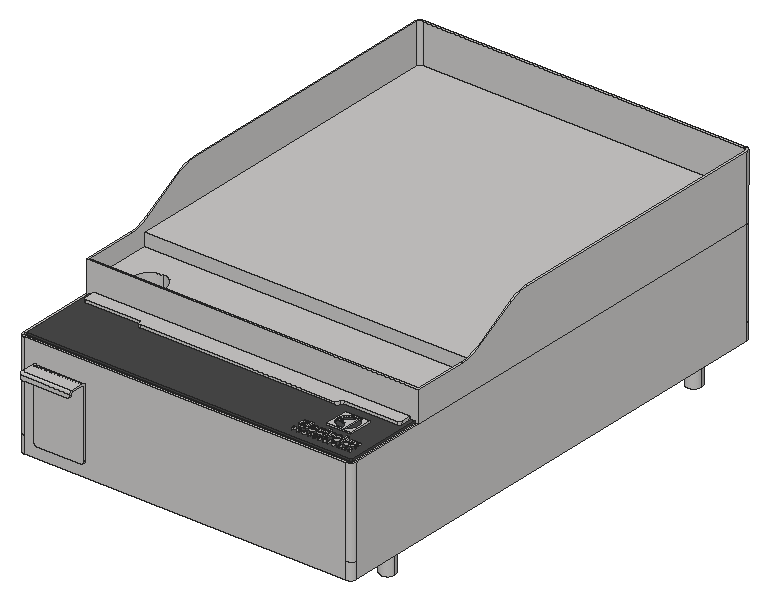
Revit family "QF_ELECTROLUXPROFESSIONAL_600906_E1IREEOMCU", category Specialty Equipment, Revit 2018
Family settings
  Round Connector Dimension = Use Diameter
  Part Type = Normal
  Work Plane-Based = No
  Always vertical = Yes
  Cut with Voids When Loaded = No
  Shared = No
  Room Calculation Point = No
Parameters (values of type "Standard")
  Watts = 0 W
  Volts = 220 V
  URL = "http://professional.electrolux.com"
  Steam Supply Size = 0 mm
  Steam Supply Minimum Pressure = 0.0 Pa
  Steam Supply Maximum Pressure = 0.0 Pa
  Steam Pounds per Hour = 0
  Show Logo [instance] = yes
  Manufacturer = "Electrolux Professional"
  Phase = 1
  Model = "E1IREEOMCS"
  Item Number = "600886"
  Hot Water Size = 0 mm
  HP = "4 HP"
  Gas Size = 0 mm
  Gas KW = 0
  Direct Waste Size = 0 mm
  Description = "PLUG-IN INDUCTION GRIDDLE, STAINLESS STEEL SMOOTH PLATE"
  Cycle = 60 Hz
  Condensate Return Size = 0 mm
  Compressed Air Volume = 0.0 L/s
  Compressed Air Size = 0 mm
  Compressed Air Pressure = 0.0 Pa
  Cold Water Size = 0 mm
Values of the unnamed type that differ from the named types
  Volts = 0 V
  Item Number = ""
  Cycle = 0 Hz
Reference planes
  plane 1 "Centro (Fronte/Retro)": y = 74.737
  plane 2: z = 0
  plane 3: x = -514.269
  plane 4 "LEFT": x = -714.269
  plane 5 "RIGHT": x = -314.269
  plane 6 "BACK": y = 374.737
  plane 7 "FRONT": y = -225.263
  plane 8: x = -712.269
  plane 9: y = 372.737
  plane 10: x = -316.269
  plane 11: y = -223.263
  plane 12: y = -124.263
  plane 13: x = -701.269
  plane 14: x = -327.269
  plane 15: y = 304.737
  plane 16: y = -155.263
  plane 17: x = -442.269
  plane 18: y = 179.737
  plane 19: z = 764
Forms (mm)
  Extrusion 1, solid, material "QF_Finishes_Stainless Steel"
    sketch origin (0, 0, 788) x (1, 0, 0) y (0, 1, 0)
      loop
        arc (-707.269, 374.737) -> (-712.218, 372.687) -> (-714.269, 367.737) r 7
        line (-714.269, 367.737) -> (-714.269, -218.263)
        arc (-714.269, -218.263) -> (-712.218, -223.213) -> (-707.269, -225.263) r 7
        line (-707.269, -225.263) -> (-321.269, -225.263)
        arc (-321.269, -225.263) -> (-316.319, -223.213) -> (-314.269, -218.263) r 7
        line (-314.269, -218.263) -> (-314.269, 367.737)
        arc (-314.269, 367.737) -> (-316.319, 372.687) -> (-321.269, 374.737) r 7
        line (-321.269, 374.737) -> (-707.269, 374.737)
    from 0 to 20
  Extrusion 2, solid, material "QF_Finishes_Stainless Steel"
    sketch origin (0, 0, 788) x (1, 0, 0) y (0, 1, 0)
      loop
        line (-321.269, 374.737) -> (-707.269, 374.737)
        arc (-707.269, 374.737) -> (-712.218, 372.687) -> (-714.269, 367.737) r 7
        line (-714.269, 367.737) -> (-714.269, -218.263)
        arc (-714.269, -218.263) -> (-712.218, -223.213) -> (-707.269, -225.263) r 7
        line (-707.269, -225.263) -> (-321.269, -225.263)
        arc (-321.269, -225.263) -> (-316.319, -223.213) -> (-314.269, -218.263) r 7
        line (-314.269, -218.263) -> (-314.269, 367.737)
        arc (-314.269, 367.737) -> (-316.319, 372.687) -> (-321.269, 374.737) r 7
      loop
        arc (-707.269, 372.737) -> (-710.804, 371.273) -> (-712.269, 367.737) r 5
        line (-712.269, 367.737) -> (-712.269, -218.263)
        arc (-712.269, -218.263) -> (-710.804, -221.798) -> (-707.269, -223.263) r 5
        line (-707.269, -223.263) -> (-321.269, -223.263)
        arc (-321.269, -223.263) -> (-317.733, -221.798) -> (-316.269, -218.263) r 5
        line (-316.269, -218.263) -> (-316.269, 367.737)
        arc (-316.269, 367.737) -> (-317.733, 371.273) -> (-321.269, 372.737) r 5
        line (-321.269, 372.737) -> (-707.269, 372.737)
    from 20 to 126
  Extrusion 3, solid, material "QF_Finishes_Black"
    sketch origin (0, 0, 914) x (-1, 0, 0) y (0, -1, 0)
      loop
        line (709.269, 124.263) -> (709.269, 218.263)
        arc (709.269, 218.263) -> (708.683, 219.677) -> (707.269, 220.263) r 2
        line (707.269, 220.263) -> (321.269, 220.263)
        arc (321.269, 220.263) -> (319.854, 219.677) -> (319.269, 218.263) r 2
        line (319.269, 218.263) -> (319.269, 124.263) -> (709.269, 124.263)
    from 0 to 2
  Extrusion 4, solid, material "QF_Finishes_Stainless Steel"
    sketch origin (0, 0, 914) x (-1, 0, 0) y (0, -1, 0)
      loop
        arc (701.269, 124.263) -> (703.39, 125.142) -> (704.269, 127.263) r 3
        line (704.269, 127.263) -> (704.269, 137.763)
        arc (704.269, 137.763) -> (703.39, 139.884) -> (701.269, 140.763) r 3
        line (701.269, 140.763) -> (637.269, 140.763)
        arc (637.269, 140.763) -> (635.147, 141.642) -> (634.269, 143.763) r 3
        arc (634.269, 143.763) -> (633.39, 145.884) -> (631.269, 146.763) r 3
        line (631.269, 146.763) -> (397.269, 146.763)
        arc (397.269, 146.763) -> (395.147, 145.884) -> (394.269, 143.763) r 3
        arc (394.269, 143.763) -> (393.39, 141.642) -> (391.269, 140.763) r 3
        line (391.269, 140.763) -> (327.269, 140.763)
        arc (327.269, 140.763) -> (325.147, 139.884) -> (324.269, 137.763) r 3
        line (324.269, 137.763) -> (324.269, 127.263)
        arc (324.269, 127.263) -> (325.147, 125.142) -> (327.269, 124.263) r 3
        line (327.269, 124.263) -> (701.269, 124.263)
    from 2 to 5
  Extrusion 5, solid, material "QF_Finishes_Stainless Steel"
    sketch origin (0, 0, 140) x (-1, 0, 0) y (0, -1, 0)
      loop
        circle (701.269, -304.737) r 9
      loop
        circle (327.269, -304.737) r 9
      loop
        circle (701.269, 155.263) r 9
      loop
        circle (327.269, 155.263) r 9
    from 624 to 648
  Extrusion 6, solid, material "QF_Finishes_Stainless Steel"
    sketch origin (0, 0, 140) x (-1, 0, 0) y (0, -1, 0)
      loop
        circle (442.269, -179.737) r 10
    from 638.028 to 648
  Extrusion 7, solid, material "QF_Finishes_Stainless Steel"
    sketch origin (0, 0, 140) x (-1, 0, 0) y (0, -1, 0)
      loop
        line (321.269, -374.737) -> (707.269, -374.737)
        arc (707.269, -374.737) -> (712.218, -372.687) -> (714.269, -367.737) r 7
        line (714.269, -367.737) -> (714.269, 124.263) -> (314.269, 124.263) -> (314.269, -367.737)
        arc (314.269, -367.737) -> (316.319, -372.687) -> (321.269, -374.737) r 7
      loop
        line (712.269, 122.263) -> (316.269, 122.263) -> (316.269, -367.737)
        arc (316.269, -367.737) -> (317.733, -371.273) -> (321.269, -372.737) r 5
        line (321.269, -372.737) -> (707.269, -372.737)
        arc (707.269, -372.737) -> (710.804, -371.273) -> (712.269, -367.737) r 5
        line (712.269, -367.737) -> (712.269, 122.263)
    from 774 to 851
  Extrusion 8, void
    sketch origin (-714.269, 367.737, 140) x (0, 1, 0) y (0, 0, 1)
      loop
        line (-492, 851) -> (-492, 811) -> (-425.278, 811)
        arc (-425.278, 811) -> (-412.445, 812.675) -> (-400.471, 817.588) r 50
        line (-400.471, 817.588) -> (-353.529, 844.412)
        arc (-353.529, 844.412) -> (-341.555, 849.325) -> (-328.722, 851) r 50
        line (-328.722, 851) -> (-492, 851)
    from 0 to 400
  Extrusion 9, solid, material "QF_Finishes_Stainless Steel"
    sketch origin (0, 0, 140) x (-1, 0, 0) y (0, -1, 0)
      loop
        line (712.269, -367.737) -> (712.269, 40.263) -> (316.269, 40.263) -> (316.269, -367.737)
        arc (316.269, -367.737) -> (317.733, -371.273) -> (321.269, -372.737) r 5
        line (321.269, -372.737) -> (707.269, -372.737)
        arc (707.269, -372.737) -> (710.804, -371.273) -> (712.269, -367.737) r 5
    from 774 to 804.06
  Extrusion 10, solid, material "QF_Finishes_Stainless Steel"
    sketch origin (0, 0, 140) x (-1, 0, 0) y (0, -1, 0)
      loop
        line (712.269, 40.263) -> (712.269, 122.263) -> (316.269, 122.263) -> (316.269, 40.263) -> (712.269, 40.263)
    from 774 to 789
  Extrusion 11, solid, material "QF_Finishes_Stainless Steel"
    sketch origin (-695.269, 367.737, 788) x (0, -1, 0) y (0, 0, 1)
      loop
        line (593, 14) -> (594.5, 14) -> (594.5, 99)
        arc (594.5, 99) -> (594.939, 100.061) -> (596, 100.5) r 1.5
        line (596, 100.5) -> (612, 100.5)
        arc (612, 100.5) -> (613.061, 100.061) -> (613.5, 99) r 1.5
        line (613.5, 99) -> (613.5, 94) -> (615, 94) -> (615, 99)
        arc (615, 99) -> (614.121, 101.121) -> (612, 102) r 3
        line (612, 102) -> (596, 102)
        arc (596, 102) -> (593.879, 101.121) -> (593, 99) r 3
        line (593, 99) -> (593, 14)
    from 0 to -60
  Extrusion 12, void
    sketch origin (-695.269, -226.763, 802) x (0, 0, 1) y (1, 0, 0)
      loop
        arc (4, 0) -> (1.172, 1.172) -> (0, 4) r 4
        line (0, 4) -> (0, 0) -> (4, 0)
      loop
        line (4, 60) -> (0, 60) -> (0, 56)
        arc (0, 56) -> (1.172, 58.828) -> (4, 60) r 4
    from 1.5 to 0
  Extrusion 13, void
    sketch origin (-695.269, -247.263, 890) x (0, 0, 1) y (1, 0, 0)
      loop
        arc (-4, 0) -> (-6.828, 1.172) -> (-8, 4) r 4
        line (-8, 4) -> (-8, 0) -> (-4, 0)
      loop
        line (-4, 60) -> (-8, 60) -> (-8, 56)
        arc (-8, 56) -> (-6.828, 58.828) -> (-4, 60) r 4
    from 0 to 1.5
  Extrusion 14, void
    sketch origin (3.3, 0, 929) x (0, -1, 0) y (-1, 0, 0)
      loop
        circle (91.263, 667.536) r 19
    from 0 to 71.307
Cuts and joins
  Extrusion 12, Extrusion 13 cuts Extrusion 1
  Extrusion 12, Extrusion 13 cuts Extrusion 2
  joined: Extrusion 1, Extrusion 2
  Extrusion 8 cuts Extrusion 7
  Extrusion 12, Extrusion 13 cuts Extrusion 11
  Extrusion 14 cuts Extrusion 10
Lines and regions (mm)
  symbolic lines
    curve 1: line (-321.269, 374.737, 126) -> (-707.269, 374.737, 126)
    curve 2: arc (-707.269, 374.737, 126) -> (-712.218, 372.687, 126) -> (-714.269, 367.737, 126) r 7
    curve 3: line (-714.269, 367.737, 126) -> (-714.269, -218.263, 126)
    curve 4: arc (-714.269, -218.263, 126) -> (-712.218, -223.213, 126) -> (-707.269, -225.263, 126) r 7
    curve 5: line (-707.269, -225.263, 126) -> (-321.269, -225.263, 126)
    curve 6: arc (-321.269, -225.263, 126) -> (-316.319, -223.213, 126) -> (-314.269, -218.263, 126) r 7
    curve 7: line (-314.269, -218.263, 126) -> (-314.269, 367.737, 126)
    curve 8: arc (-314.269, 367.737, 126) -> (-316.319, 372.687, 126) -> (-321.269, 374.737, 126) r 7
    curve 9: line (-707.269, 372.737, 126) -> (-321.269, 372.737, 126)
    curve 10: arc (-321.269, 372.737, 126) -> (-317.733, 371.273, 126) -> (-316.269, 367.737, 126) r 5
    curve 11: line (-316.269, 367.737, 126) -> (-316.269, -218.263, 126)
    curve 12: arc (-316.269, -218.263, 126) -> (-317.733, -221.798, 126) -> (-321.269, -223.263, 126) r 5
    curve 13: line (-321.269, -223.263, 126) -> (-707.269, -223.263, 126)
    curve 14: arc (-707.269, -223.263, 126) -> (-710.804, -221.798, 126) -> (-712.269, -218.263, 126) r 5
    curve 15: line (-712.269, -218.263, 126) -> (-712.269, 367.737, 126)
    curve 16: arc (-712.269, 367.737, 126) -> (-710.804, 371.273, 126) -> (-707.269, 372.737, 126) r 5
    curve 17: line (-631.269, -146.763, 126) -> (-397.269, -146.763, 126)
    curve 18: arc (-397.269, -146.763, 126) -> (-395.147, -145.884, 126) -> (-394.269, -143.763, 126) r 3
    curve 19: arc (-394.269, -143.763, 126) -> (-393.39, -141.642, 126) -> (-391.269, -140.763, 126) r 3
    curve 20: line (-391.269, -140.763, 126) -> (-327.269, -140.763, 126)
    curve 21: arc (-327.269, -140.763, 126) -> (-325.147, -139.884, 126) -> (-324.269, -137.763, 126) r 3
    curve 22: line (-324.269, -137.763, 126) -> (-324.269, -127.263, 126)
    curve 23: arc (-324.269, -127.263, 126) -> (-325.147, -125.142, 126) -> (-327.269, -124.263, 126) r 3
    curve 24: arc (-701.269, -124.263, 126) -> (-703.39, -125.142, 126) -> (-704.269, -127.263, 126) r 3
    curve 25: line (-704.269, -127.263, 126) -> (-704.269, -137.763, 126)
    curve 26: arc (-704.269, -137.763, 126) -> (-703.39, -139.884, 126) -> (-701.269, -140.763, 126) r 3
    curve 27: line (-701.269, -140.763, 126) -> (-637.269, -140.763, 126)
    curve 28: line (-319.269, -218.263, 126) -> (-319.269, -124.263, 126)
    curve 29: line (-709.269, -124.263, 126) -> (-709.269, -218.263, 126)
    curve 30: arc (-709.269, -218.263, 126) -> (-708.683, -219.677, 126) -> (-707.269, -220.263, 126) r 2
    curve 31: line (-707.269, -220.263, 126) -> (-321.269, -220.263, 126)
    curve 32: arc (-321.269, -220.263, 126) -> (-319.854, -219.677, 126) -> (-319.269, -218.263, 126) r 2
    curve 33: arc (-637.269, -140.763, 126) -> (-635.147, -141.642, 126) -> (-634.269, -143.763, 126) r 3
    curve 34: arc (-634.269, -143.763, 126) -> (-633.39, -145.884, 126) -> (-631.269, -146.763, 126) r 3
    curve 35: line (-709.269, -124.263, 0) -> (-319.269, -124.263, 0)
    curve 36: line (-712.269, -40.263, 126) -> (-316.269, -40.263, 126)
    curve 37: line (-378.626, -153.452, 126) -> (-378.626, -182.168, 126)
    curve 38: line (-378.626, -182.168, 126) -> (-349.912, -182.168, 126)
    curve 39: line (-349.912, -182.168, 126) -> (-349.912, -153.452, 126)
    curve 40: line (-349.912, -153.452, 126) -> (-378.626, -153.452, 126)
    curve 41: line (-375.841, -162.424, 126) -> (-375.07, -161.023, 126)
    curve 42: line (-375.07, -161.023, 126) -> (-374.141, -159.732, 126)
    curve 43: line (-374.141, -159.732, 126) -> (-373.065, -158.564, 126)
    curve 44: line (-373.065, -158.564, 126) -> (-371.856, -157.535, 126)
    curve 45: line (-371.856, -157.535, 126) -> (-370.527, -156.661, 126)
    curve 46: line (-370.527, -156.661, 126) -> (-369.091, -155.954, 126)
    curve 47: line (-369.091, -155.954, 126) -> (-367.562, -155.431, 126)
    curve 48: line (-367.562, -155.431, 126) -> (-365.952, -155.107, 126)
    curve 49: arc (-365.952, -155.107, 126) -> (-363.752, -155.007, 126) -> (-361.567, -155.279, 126) r 13.008
    curve 50: arc (-361.567, -155.279, 126) -> (-361.815, -157.647, 126) -> (-362.651, -159.876, 126) r 9.395
    curve 51: line (-362.651, -159.876, 126) -> (-363.438, -161.245, 126)
    curve 52: line (-363.438, -161.245, 126) -> (-364.403, -162.507, 126)
    curve 53: line (-364.403, -162.507, 126) -> (-365.524, -163.648, 126)
    curve 54: line (-365.524, -163.648, 126) -> (-366.781, -164.654, 126)
    curve 55: line (-366.781, -164.654, 126) -> (-368.151, -165.509, 126)
    curve 56: line (-368.151, -165.509, 126) -> (-369.615, -166.2, 126)
    curve 57: line (-369.615, -166.2, 126) -> (-371.15, -166.712, 126)
    curve 58: line (-371.15, -166.712, 126) -> (-372.736, -167.029, 126)
    curve 59: line (-372.736, -167.029, 126) -> (-374.352, -167.138, 126)
    curve 60: line (-374.352, -167.138, 126) -> (-377.067, -167.138, 126)
    curve 61: line (-377.067, -167.138, 126) -> (-376.852, -165.495, 126)
    curve 62: line (-376.852, -165.495, 126) -> (-376.439, -163.92, 126)
    curve 63: line (-376.439, -163.92, 126) -> (-375.841, -162.424, 126)
    curve 64: line (-360.221, -179.969, 126) -> (-360.221, -155.646, 126)
    curve 65: line (-360.221, -155.646, 126) -> (-358.743, -156.237, 126)
    curve 66: line (-358.743, -156.237, 126) -> (-357.363, -157.003, 126)
    curve 67: line (-357.363, -157.003, 126) -> (-356.095, -157.931, 126)
    curve 68: line (-356.095, -157.931, 126) -> (-354.951, -159.007, 126)
    curve 69: line (-354.951, -159.007, 126) -> (-353.945, -160.217, 126)
    curve 70: line (-353.945, -160.217, 126) -> (-353.092, -161.548, 126)
    curve 71: line (-353.092, -161.548, 126) -> (-352.403, -162.986, 126)
    curve 72: line (-352.403, -162.986, 126) -> (-351.894, -164.517, 126)
    curve 73: line (-351.894, -164.517, 126) -> (-351.576, -166.128, 126)
    curve 74: line (-351.576, -166.128, 126) -> (-351.464, -167.804, 126)
    curve 75: line (-351.464, -167.804, 126) -> (-351.567, -169.456, 126)
    curve 76: line (-351.567, -169.456, 126) -> (-351.873, -171.047, 126)
    curve 77: line (-351.873, -171.047, 126) -> (-352.372, -172.563, 126)
    curve 78: line (-352.372, -172.563, 126) -> (-353.05, -173.992, 126)
    curve 79: line (-353.05, -173.992, 126) -> (-353.897, -175.319, 126)
    curve 80: line (-353.897, -175.319, 126) -> (-354.899, -176.532, 126)
    curve 81: line (-354.899, -176.532, 126) -> (-356.044, -177.617, 126)
    curve 82: line (-356.044, -177.617, 126) -> (-357.321, -178.56, 126)
    curve 83: line (-357.321, -178.56, 126) -> (-358.718, -179.349, 126)
    curve 84: line (-358.718, -179.349, 126) -> (-360.221, -179.969, 126)
    curve 85: line (-369.613, -169.43, 126) -> (-368.15, -170.12, 126)
    curve 86: line (-368.15, -170.12, 126) -> (-366.78, -170.975, 126)
    curve 87: line (-366.78, -170.975, 126) -> (-365.524, -171.98, 126)
    curve 88: line (-365.524, -171.98, 126) -> (-364.403, -173.12, 126)
    curve 89: line (-364.403, -173.12, 126) -> (-363.439, -174.381, 126)
    curve 90: line (-363.439, -174.381, 126) -> (-362.652, -175.748, 126)
    curve 91: arc (-362.652, -175.748, 126) -> (-361.85, -177.982, 126) -> (-361.568, -180.34, 126) r 10.532
    curve 92: arc (-361.568, -180.34, 126) -> (-362.906, -180.548, 126) -> (-364.258, -180.63, 126) r 14.39
    curve 93: line (-364.258, -180.63, 126) -> (-365.828, -180.532, 126)
    curve 94: line (-365.828, -180.532, 126) -> (-367.331, -180.252, 126)
    curve 95: line (-367.331, -180.252, 126) -> (-368.77, -179.801, 126)
    curve 96: line (-368.77, -179.801, 126) -> (-370.134, -179.191, 126)
    curve 97: line (-370.134, -179.191, 126) -> (-371.411, -178.434, 126)
    curve 98: line (-371.411, -178.434, 126) -> (-372.589, -177.541, 126)
    curve 99: line (-372.589, -177.541, 126) -> (-373.656, -176.525, 126)
    curve 100: line (-373.656, -176.525, 126) -> (-374.6, -175.397, 126)
    curve 101: line (-374.6, -175.397, 126) -> (-375.41, -174.168, 126)
    curve 102: line (-375.41, -174.168, 126) -> (-376.073, -172.852, 126)
    curve 103: line (-376.073, -172.852, 126) -> (-376.579, -171.46, 126)
    curve 104: line (-376.579, -171.46, 126) -> (-376.915, -170.003, 126)
    curve 105: line (-376.915, -170.003, 126) -> (-377.069, -168.493, 126)
    curve 106: line (-377.069, -168.493, 126) -> (-374.35, -168.493, 126)
    curve 107: line (-374.35, -168.493, 126) -> (-372.734, -168.602, 126)
    curve 108: line (-372.734, -168.602, 126) -> (-371.148, -168.919, 126)
    curve 109: line (-371.148, -168.919, 126) -> (-369.613, -169.43, 126)
    curve 110: arc (-399.495, -197.154, 126) -> (-398.466, -199.638, 126) -> (-395.982, -200.667, 126) r 3.513
    curve 111: line (-395.982, -200.667, 126) -> (-392.408, -200.667, 126)
    curve 112: line (-392.408, -200.667, 126) -> (-392.408, -198.85, 126)
    curve 113: line (-392.408, -198.85, 126) -> (-395.966, -198.85, 126)
    curve 114: arc (-395.966, -198.85, 126) -> (-397.094, -198.382, 126) -> (-397.562, -197.254, 126) r 1.596
    curve 115: line (-397.562, -197.254, 126) -> (-397.562, -195.74, 126)
    curve 116: line (-397.562, -195.74, 126) -> (-392.843, -195.74, 126)
    curve 117: line (-392.843, -195.74, 126) -> (-392.843, -193.917, 126)
    curve 118: line (-392.843, -193.917, 126) -> (-397.563, -193.917, 126)
    curve 119: line (-397.563, -193.917, 126) -> (-397.563, -191.264, 126)
    curve 120: line (-397.563, -191.264, 126) -> (-392.542, -191.264, 126)
    curve 121: line (-392.542, -191.264, 126) -> (-392.542, -189.445, 126)
    curve 122: line (-392.542, -189.445, 126) -> (-399.495, -189.445, 126)
    curve 123: line (-399.495, -189.445, 126) -> (-399.495, -193.353, 126)
    curve 124: line (-399.495, -193.353, 126) -> (-399.495, -197.154, 126)
    curve 125: line (-389.101, -189.455, 126) -> (-391.035, -189.455, 126)
    curve 126: line (-391.035, -189.455, 126) -> (-391.035, -194.76, 126)
    curve 127: line (-391.035, -194.76, 126) -> (-391.035, -200.681, 126)
    curve 128: line (-391.035, -200.681, 126) -> (-389.101, -200.681, 126)
    curve 129: line (-389.101, -200.681, 126) -> (-389.101, -194.721, 126)
    curve 130: line (-389.101, -194.721, 126) -> (-389.101, -189.455, 126)
    curve 131: arc (-380.394, -193.787, 126) -> (-383.654, -192.313, 126) -> (-386.913, -193.787, 126) r 4.34
    curve 132: arc (-386.913, -193.787, 126) -> (-387.819, -196.606, 126) -> (-386.913, -199.425, 126) r 4.838
    curve 133: arc (-386.913, -199.425, 126) -> (-383.498, -200.88, 126) -> (-380.082, -199.425, 126) r 4.737
    curve 134: line (-380.082, -199.425, 126) -> (-381.246, -198.293, 126)
    curve 135: arc (-381.246, -198.293, 126) -> (-383.382, -199.237, 126) -> (-385.517, -198.293, 126) r 2.888
    curve 136: arc (-385.517, -198.293, 126) -> (-385.841, -197.736, 126) -> (-385.905, -197.095, 126) r 1.527
    curve 137: line (-385.905, -197.095, 126) -> (-379.564, -197.095, 126)
    curve 138: arc (-379.564, -197.095, 126) -> (-379.672, -195.364, 126) -> (-380.394, -193.787, 126) r 4.757
    curve 139: line (-381.505, -195.736, 126) -> (-385.858, -195.736, 126)
    curve 140: arc (-385.858, -195.736, 126) -> (-385.043, -194.411, 126) -> (-383.56, -193.941, 126) r 2.23
    curve 141: arc (-383.56, -193.941, 126) -> (-382.221, -194.482, 126) -> (-381.505, -195.736, 126) r 2.201
    curve 142: arc (-372.029, -198.26, 126) -> (-376.639, -196.593, 126) -> (-372.029, -194.927, 126) r 2.606
    curve 143: line (-372.029, -194.927, 126) -> (-370.832, -193.681, 126)
    curve 144: arc (-370.832, -193.681, 126) -> (-378.564, -196.594, 126) -> (-370.832, -199.507, 126) r 4.415
    curve 145: line (-370.832, -199.507, 126) -> (-372.029, -198.26, 126)
    curve 146: line (-369.629, -193.481, 126) -> (-369.629, -197.299, 126)
    curve 147: arc (-369.629, -197.299, 126) -> (-368.592, -199.893, 126) -> (-365.911, -200.681, 126) r 3.196
    curve 148: line (-365.911, -200.681, 126) -> (-365.904, -198.864, 126)
    curve 149: arc (-365.904, -198.864, 126) -> (-367.239, -198.457, 126) -> (-367.699, -197.14, 126) r 1.542
    curve 150: line (-367.699, -197.14, 126) -> (-367.699, -194.319, 126)
    curve 151: line (-367.699, -194.319, 126) -> (-365.94, -194.319, 126)
    curve 152: line (-365.94, -194.319, 126) -> (-365.94, -192.562, 126)
    curve 153: line (-365.94, -192.562, 126) -> (-367.696, -192.562, 126)
    curve 154: line (-367.696, -192.562, 126) -> (-367.696, -189.455, 126)
    curve 155: line (-367.696, -189.455, 126) -> (-369.629, -189.455, 126)
    curve 156: line (-369.629, -189.455, 126) -> (-369.629, -193.481, 126)
    curve 157: arc (-359.402, -192.451, 126) -> (-361.13, -192.587, 126) -> (-362.397, -193.771, 126) r 2.627
    curve 158: line (-362.397, -193.771, 126) -> (-362.397, -192.563, 126)
    curve 159: line (-362.397, -192.563, 126) -> (-364.315, -192.563, 126)
    curve 160: line (-364.315, -192.563, 126) -> (-364.315, -196.541, 126)
    curve 161: line (-364.315, -196.541, 126) -> (-364.315, -200.681, 126)
    curve 162: line (-364.315, -200.681, 126) -> (-362.397, -200.681, 126)
    curve 163: line (-362.397, -200.681, 126) -> (-362.397, -196.412, 126)
    curve 164: arc (-362.397, -196.412, 126) -> (-361.445, -194.585, 126) -> (-359.402, -194.319, 126) r 2.229
    curve 165: line (-359.402, -194.319, 126) -> (-359.402, -192.451, 126)
    curve 166: arc (-350.248, -196.625, 126) -> (-354.668, -192.205, 126) -> (-359.088, -196.625, 126) r 4.42
    curve 167: arc (-359.088, -196.625, 126) -> (-354.668, -201.046, 126) -> (-350.248, -196.625, 126) r 4.42
    curve 168: arc (-357.176, -196.625, 126) -> (-354.668, -194.117, 126) -> (-352.16, -196.625, 126) r 2.508
    curve 169: arc (-352.16, -196.625, 126) -> (-354.668, -199.134, 126) -> (-357.176, -196.625, 126) r 2.508
    curve 170: line (-347.124, -189.454, 126) -> (-349.058, -189.454, 126)
    curve 171: line (-349.058, -189.454, 126) -> (-349.058, -194.566, 126)
    curve 172: line (-349.058, -194.566, 126) -> (-349.058, -200.682, 126)
    curve 173: line (-349.058, -200.682, 126) -> (-347.124, -200.682, 126)
    curve 174: line (-347.124, -200.682, 126) -> (-347.124, -194.643, 126)
    curve 175: line (-347.124, -194.643, 126) -> (-347.124, -189.454, 126)
    curve 176: line (-343.697, -192.562, 126) -> (-345.646, -192.562, 126)
    curve 177: line (-345.646, -192.562, 126) -> (-345.646, -194.915, 126)
    curve 178: line (-345.646, -194.915, 126) -> (-345.646, -197.715, 126)
    curve 179: arc (-345.646, -197.715, 126) -> (-341.931, -201.044, 126) -> (-338.204, -197.728, 126) r 3.745
    curve 180: line (-338.204, -197.728, 126) -> (-338.204, -194.915, 126)
    curve 181: line (-338.204, -194.915, 126) -> (-338.204, -192.562, 126)
    curve 182: line (-338.204, -192.562, 126) -> (-340.152, -192.562, 126)
    curve 183: line (-340.152, -192.562, 126) -> (-340.152, -197.299, 126)
    curve 184: arc (-340.152, -197.299, 126) -> (-341.925, -199.071, 126) -> (-343.697, -197.299, 126) r 1.772
    curve 185: line (-343.697, -197.299, 126) -> (-343.697, -192.562, 126)
    curve 186: line (-334.237, -196.397, 126) -> (-335.916, -198.735, 126)
    curve 187: line (-335.916, -198.735, 126) -> (-337.313, -200.682, 126)
    curve 188: line (-337.313, -200.682, 126) -> (-335.235, -200.682, 126)
    curve 189: line (-335.235, -200.682, 126) -> (-333.174, -197.813, 126)
    curve 190: line (-333.174, -197.813, 126) -> (-331.112, -200.682, 126)
    curve 191: line (-331.112, -200.682, 126) -> (-329.034, -200.682, 126)
    curve 192: line (-329.034, -200.682, 126) -> (-330.891, -198.085, 126)
    curve 193: line (-330.891, -198.085, 126) -> (-332.11, -196.38, 126)
    curve 194: line (-332.11, -196.38, 126) -> (-330.601, -194.325, 126)
    curve 195: line (-330.601, -194.325, 126) -> (-329.308, -192.563, 126)
    curve 196: line (-329.308, -192.563, 126) -> (-331.418, -192.563, 126)
    curve 197: line (-331.418, -192.563, 126) -> (-333.174, -194.995, 126)
    curve 198: line (-333.174, -194.995, 126) -> (-334.946, -192.563, 126)
    curve 199: line (-334.946, -192.563, 126) -> (-337.039, -192.563, 126)
    curve 200: line (-337.039, -192.563, 126) -> (-335.839, -194.205, 126)
    curve 201: line (-335.839, -194.205, 126) -> (-334.237, -196.397, 126)
    curve 202: line (-399.467, -205.699, 126) -> (-399.467, -209.59, 126)
    curve 203: line (-399.467, -209.59, 126) -> (-398.667, -209.59, 126)
    curve 204: line (-398.667, -209.59, 126) -> (-398.667, -208.271, 126)
    curve 205: line (-398.667, -208.271, 126) -> (-397.697, -208.271, 126)
    curve 206: arc (-397.697, -208.271, 126) -> (-396.674, -206.863, 126) -> (-397.967, -205.699, 126) r 1.3
    curve 207: line (-397.967, -205.699, 126) -> (-399.467, -205.699, 126)
    curve 208: line (-398.667, -207.52, 126) -> (-398.667, -206.434, 126)
    curve 209: line (-398.667, -206.434, 126) -> (-397.861, -206.434, 126)
    curve 210: arc (-397.861, -206.434, 126) -> (-397.461, -206.977, 126) -> (-397.861, -207.52, 126) r 0.569
    curve 211: line (-397.861, -207.52, 126) -> (-398.667, -207.52, 126)
    curve 212: line (-393.389, -205.699, 126) -> (-393.389, -209.59, 126)
    curve 213: line (-393.389, -209.59, 126) -> (-392.589, -209.59, 126)
    curve 214: line (-392.589, -209.59, 126) -> (-392.589, -208.249, 126)
    curve 215: line (-392.589, -208.249, 126) -> (-391.763, -208.249, 126)
    curve 216: line (-391.763, -208.249, 126) -> (-390.957, -209.59, 126)
    curve 217: line (-390.957, -209.59, 126) -> (-390.05, -209.59, 126)
    curve 218: line (-390.05, -209.59, 126) -> (-391.058, -207.929, 126)
    curve 219: arc (-391.058, -207.929, 126) -> (-390.677, -206.531, 126) -> (-391.863, -205.699, 126) r 1.26
    curve 220: line (-391.863, -205.699, 126) -> (-393.389, -205.699, 126)
    curve 221: line (-392.589, -207.52, 126) -> (-392.589, -206.434, 126)
    curve 222: line (-392.589, -206.434, 126) -> (-391.782, -206.434, 126)
    curve 223: arc (-391.782, -206.434, 126) -> (-391.383, -206.977, 126) -> (-391.782, -207.52, 126) r 0.569
    curve 224: line (-391.782, -207.52, 126) -> (-392.589, -207.52, 126)
    curve 225: arc (-386.695, -207.668, 126) -> (-385.407, -206.38, 126) -> (-384.119, -207.668, 126) r 1.288
    curve 226: arc (-384.119, -207.668, 126) -> (-385.407, -208.956, 126) -> (-386.695, -207.668, 126) r 1.288
    curve 227: arc (-383.342, -207.668, 126) -> (-385.407, -205.603, 126) -> (-387.472, -207.668, 126) r 2.065
    curve 228: arc (-387.472, -207.668, 126) -> (-385.407, -209.733, 126) -> (-383.342, -207.668, 126) r 2.065
    curve 229: line (-379.969, -205.699, 126) -> (-379.969, -209.59, 126)
    curve 230: line (-379.969, -209.59, 126) -> (-379.169, -209.59, 126)
    curve 231: line (-379.169, -209.59, 126) -> (-379.169, -208.099, 126)
    curve 232: line (-379.169, -208.099, 126) -> (-377.704, -208.099, 126)
    curve 233: line (-377.704, -208.099, 126) -> (-377.704, -207.299, 126)
    curve 234: line (-377.704, -207.299, 126) -> (-379.169, -207.299, 126)
    curve 235: line (-379.169, -207.299, 126) -> (-379.169, -206.499, 126)
    curve 236: line (-379.169, -206.499, 126) -> (-377.564, -206.499, 126)
    curve 237: line (-377.564, -206.499, 126) -> (-377.564, -205.699, 126)
    curve 238: line (-377.564, -205.699, 126) -> (-379.969, -205.699, 126)
    curve 239: line (-374.264, -205.699, 126) -> (-374.264, -208.344, 126)
    curve 240: arc (-374.264, -208.344, 126) -> (-373.899, -209.225, 126) -> (-373.017, -209.59, 126) r 1.246
    curve 241: line (-373.017, -209.59, 126) -> (-371.761, -209.59, 126)
    curve 242: line (-371.761, -209.59, 126) -> (-371.761, -208.79, 126)
    curve 243: line (-371.761, -208.79, 126) -> (-372.922, -208.79, 126)
    curve 244: arc (-372.922, -208.79, 126) -> (-373.361, -208.576, 126) -> (-373.464, -208.099, 126) r 0.558
    curve 245: line (-373.464, -208.099, 126) -> (-371.907, -208.099, 126)
    curve 246: line (-371.907, -208.099, 126) -> (-371.907, -207.299, 126)
    curve 247: line (-371.907, -207.299, 126) -> (-373.464, -207.299, 126)
    curve 248: line (-373.464, -207.299, 126) -> (-373.464, -206.499, 126)
    curve 249: line (-373.464, -206.499, 126) -> (-371.799, -206.499, 126)
    curve 250: line (-371.799, -206.499, 126) -> (-371.799, -205.699, 126)
    curve 251: line (-371.799, -205.699, 126) -> (-374.264, -205.699, 126)
    curve 252: arc (-368.711, -208.718, 126) -> (-367.818, -209.538, 126) -> (-366.606, -209.568, 126) r 1.725
    curve 253: arc (-366.606, -209.568, 126) -> (-365.785, -208.793, 126) -> (-366.071, -207.702, 126) r 1.107
    curve 254: arc (-366.071, -207.702, 126) -> (-366.648, -207.348, 126) -> (-367.264, -207.067, 126) r 5.523
    curve 255: arc (-367.264, -207.067, 126) -> (-367.604, -206.55, 126) -> (-367.043, -206.293, 126) r 0.407
    curve 256: arc (-367.043, -206.293, 126) -> (-366.706, -206.498, 126) -> (-366.425, -206.775, 126) r 1.702
    curve 257: line (-366.425, -206.775, 126) -> (-365.74, -206.363, 126)
    curve 258: arc (-365.74, -206.363, 126) -> (-366.172, -205.902, 126) -> (-366.708, -205.566, 126) r 2.463
    curve 259: arc (-366.708, -205.566, 126) -> (-368.378, -206.347, 126) -> (-367.331, -207.864, 126) r 1.207
    curve 260: line (-367.331, -207.864, 126) -> (-366.868, -208.812, 126)
    curve 261: arc (-366.868, -208.812, 126) -> (-367.513, -208.798, 126) -> (-367.991, -208.367, 126) r 0.925
    curve 262: line (-367.991, -208.367, 126) -> (-368.711, -208.718, 126)
    curve 263: arc (-362.851, -208.718, 126) -> (-361.958, -209.538, 126) -> (-360.746, -209.568, 126) r 1.725
    curve 264: arc (-360.746, -209.568, 126) -> (-359.926, -208.793, 126) -> (-360.211, -207.702, 126) r 1.107
    curve 265: arc (-360.211, -207.702, 126) -> (-360.788, -207.348, 126) -> (-361.405, -207.067, 126) r 5.523
    curve 266: arc (-361.405, -207.067, 126) -> (-361.745, -206.55, 126) -> (-361.183, -206.293, 126) r 0.407
    curve 267: arc (-361.183, -206.293, 126) -> (-360.846, -206.498, 126) -> (-360.566, -206.775, 126) r 1.702
    curve 268: line (-360.566, -206.775, 126) -> (-359.88, -206.363, 126)
    curve 269: arc (-359.88, -206.363, 126) -> (-360.313, -205.902, 126) -> (-360.848, -205.566, 126) r 2.463
    curve 270: arc (-360.848, -205.566, 126) -> (-362.518, -206.347, 126) -> (-361.471, -207.864, 126) r 1.207
    curve 271: line (-361.471, -207.864, 126) -> (-361.009, -208.812, 126)
    curve 272: arc (-361.009, -208.812, 126) -> (-361.653, -208.798, 126) -> (-362.132, -208.367, 126) r 0.925
    curve 273: line (-362.132, -208.367, 126) -> (-362.851, -208.718, 126)
    curve 274: line (-356.591, -209.59, 126) -> (-355.791, -209.59, 126)
    curve 275: line (-355.791, -209.59, 126) -> (-355.791, -205.699, 126)
    curve 276: line (-355.791, -205.699, 126) -> (-356.591, -205.699, 126)
    curve 277: line (-356.591, -205.699, 126) -> (-356.591, -209.59, 126)
    curve 278: arc (-352.472, -207.668, 126) -> (-350.407, -209.733, 126) -> (-348.342, -207.668, 126) r 2.065
    curve 279: arc (-348.342, -207.668, 126) -> (-350.407, -205.603, 126) -> (-352.472, -207.668, 126) r 2.065
    curve 280: arc (-351.695, -207.668, 126) -> (-350.407, -206.38, 126) -> (-349.119, -207.668, 126) r 1.288
    curve 281: arc (-349.119, -207.668, 126) -> (-350.407, -208.956, 126) -> (-351.695, -207.668, 126) r 1.288
    curve 282: line (-345.051, -205.699, 126) -> (-345.051, -209.59, 126)
    curve 283: line (-345.051, -209.59, 126) -> (-344.221, -209.59, 126)
    curve 284: line (-344.221, -209.59, 126) -> (-344.221, -207.143, 126)
    curve 285: line (-344.221, -207.143, 126) -> (-342.441, -209.59, 126)
    curve 286: line (-342.441, -209.59, 126) -> (-341.641, -209.59, 126)
    curve 287: line (-341.641, -209.59, 126) -> (-341.641, -205.699, 126)
    curve 288: line (-341.641, -205.699, 126) -> (-342.471, -205.699, 126)
    curve 289: line (-342.471, -205.699, 126) -> (-342.471, -208.219, 126)
    curve 290: line (-342.471, -208.219, 126) -> (-344.251, -205.699, 126)
    curve 291: line (-344.251, -205.699, 126) -> (-345.051, -205.699, 126)
    curve 292: line (-336.895, -205.7, 126) -> (-338.488, -209.59, 126)
    curve 293: line (-338.488, -209.59, 126) -> (-337.629, -209.59, 126)
    curve 294: line (-337.629, -209.59, 126) -> (-337.25, -208.75, 126)
    curve 295: line (-337.25, -208.75, 126) -> (-335.811, -208.75, 126)
    curve 296: line (-335.811, -208.75, 126) -> (-335.432, -209.59, 126)
    curve 297: line (-335.432, -209.59, 126) -> (-334.574, -209.59, 126)
    curve 298: line (-334.574, -209.59, 126) -> (-336.095, -205.7, 126)
    curve 299: line (-336.095, -205.7, 126) -> (-336.895, -205.7, 126)
    curve 300: line (-336.947, -207.983, 126) -> (-336.529, -206.965, 126)
    curve 301: line (-336.529, -206.965, 126) -> (-336.131, -207.983, 126)
    curve 302: line (-336.131, -207.983, 126) -> (-336.947, -207.983, 126)
    curve 303: line (-331.398, -205.699, 126) -> (-331.398, -209.59, 126)
    curve 304: line (-331.398, -209.59, 126) -> (-329.102, -209.59, 126)
    curve 305: line (-329.102, -209.59, 126) -> (-329.102, -208.79, 126)
    curve 306: line (-329.102, -208.79, 126) -> (-330.599, -208.79, 126)
    curve 307: line (-330.599, -208.79, 126) -> (-330.599, -205.699, 126)
    curve 308: line (-330.599, -205.699, 126) -> (-331.398, -205.699, 126)
    curve 309: arc (-664.236, -110.263, 126) -> (-683.236, -91.263, 126) -> (-664.236, -72.263, 126) r 19
    curve 310: arc (-664.236, -72.263, 126) -> (-645.236, -91.263, 126) -> (-664.236, -110.263, 126) r 19
    curve 311: line (-316.269, -122.263, 126) -> (-712.269, -122.263, 126)
    curve 312: line (-695.269, -225.263, 126) -> (-695.269, -247.263, 126)
    curve 313: line (-695.269, -247.263, 126) -> (-635.269, -247.263, 126)
    curve 314: line (-635.269, -247.263, 126) -> (-635.269, -225.263, 126)
Dimensions and locks
  equal spacing: plane 4 "LEFT", plane 3, plane 5 "RIGHT"
  plane 4 "LEFT" to plane 5 "RIGHT" = 400 mm
  equal spacing: plane 6 "BACK", plane 1 "Centro (Fronte/Retro)", plane 7 "FRONT"
  plane 6 "BACK" to plane 7 "FRONT" = 600 mm
  locked: plane 4 "LEFT" to plane 13 at 13
  locked: plane 14 to plane 5 "RIGHT" at 13
  locked: plane 6 "BACK" to plane 15 at 70
  locked: plane 16 to plane 7 "FRONT" at 70
  locked: plane 17 to plane 5 "RIGHT" at 128
  locked: plane 6 "BACK" to plane 18 at 195
  Extrusion 4 to Extrusion 5 = 155 mm
  plane 19 to level = 764 mm
  aligned and locked: level to plane 2
  aligned and locked: Extrusion 5 to cut or joined group of Extrusion 1, Extrusion 2, Extrusion 12, Extrusion 13
Automatic sketch dimensions
  curve 35 to plane 12 = 0 mm
  plane 8 to curve 35 = 3 mm
  curve 35 to plane 10 = 3 mm
  Extrusion 1 sketch curve to plane 4 "LEFT" = 0 mm
  Extrusion 1 sketch curve to plane 7 "FRONT" = 0 mm
  Extrusion 1 sketch curve to plane 6 "BACK" = 0 mm
  Extrusion 1 sketch curve to plane 5 "RIGHT" = 0 mm
  plane 8 to Extrusion 1 sketch curve = 5 mm  (x2)
  Extrusion 1 sketch curve to plane 10 = 5 mm  (x2)
  Extrusion 2 sketch curve to Extrusion 2 sketch curve = 0 mm  (x8)
  Extrusion 2 sketch curve to plane 4 "LEFT" = 0 mm
  Extrusion 2 sketch curve to plane 8 = 0 mm
  Extrusion 2 sketch curve to plane 6 "BACK" = 0 mm
  Extrusion 2 sketch curve to plane 7 "FRONT" = 0 mm
  Extrusion 2 sketch curve to plane 10 = 0 mm
  Extrusion 2 sketch curve to Extrusion 2 sketch curve = 5 mm  (x2)
  Extrusion 2 sketch curve to plane 10 = 5 mm  (x2)
  Extrusion 3 sketch curve to plane 12 = 0 mm
  Extrusion 3 sketch curve to plane 10 = 3 mm
  Extrusion 3 sketch curve to Extrusion 3 sketch curve = 2 mm  (x2)
  plane 8 to Extrusion 3 sketch curve = 5 mm
  plane 11 to Extrusion 3 sketch curve = 5 mm
  Extrusion 4 sketch curve to plane 12 = 0 mm
  Extrusion 4 sketch curve to plane 14 = 0 mm  (x2)
  Extrusion 4 sketch curve to plane 13 = 0 mm  (x2)
  Extrusion 4 sketch curve to Extrusion 4 sketch curve = 3 mm  (x2)
  plane 16 to Extrusion 4 sketch curve = 11.5 mm
  plane 17 to Extrusion 4 sketch curve = 51 mm
  Extrusion 4 sketch curve to Extrusion 4 sketch curve = 6 mm  (x2)
  plane 16 to Extrusion 4 sketch curve = 8.5 mm
  plane 13 to Extrusion 4 sketch curve = 70 mm
  Extrusion 4 sketch curve to plane 12 = 3 mm
  Extrusion 4 sketch curve to Extrusion 4 sketch curve = 10.5 mm  (x2)
  Extrusion 5 sketch curve to plane 14 = 0 mm  (x2)
  Extrusion 5 sketch curve to plane 13 = 0 mm  (x2)
  Extrusion 5 sketch curve to plane 15 = 0 mm  (x2)
  Extrusion 5 sketch curve to plane 16 = 0 mm  (x2)
  Extrusion 6 sketch curve to plane 17 = 0 mm
  Extrusion 6 sketch curve to plane 18 = 0 mm
  Extrusion 7 sketch curve to Extrusion 7 sketch curve = 0 mm  (x4)
  Extrusion 7 sketch curve to plane 5 "RIGHT" = 0 mm
  Extrusion 7 sketch curve to plane 10 = 0 mm
  Extrusion 7 sketch curve to plane 9 = 0 mm
  Extrusion 7 sketch curve to plane 8 = 0 mm
  Extrusion 7 sketch curve to plane 12 = 0 mm
  Extrusion 7 sketch curve to plane 9 = 5 mm
  plane 8 to Extrusion 7 sketch curve = 5 mm
  plane 12 to Extrusion 7 sketch curve = 2 mm
  Extrusion 8 sketch curve to Extrusion 7 = 0 mm  (x2)
  Extrusion 8 sketch curve to Extrusion 7 = 37 mm
  Extrusion 7 to Extrusion 8 sketch curve = 66.722 mm
  Extrusion 8 sketch curve to Extrusion 7 = 33.412 mm
  Extrusion 8 sketch curve to Extrusion 8 sketch curve = 24.807 mm
  Extrusion 8 sketch curve to Extrusion 7 = 6.588 mm
  Extrusion 8 sketch curve to Extrusion 8 sketch curve = 46.943 mm
  Extrusion 8 sketch curve to Extrusion 7 = 27 mm
  Extrusion 9 sketch curve to plane 10 = 0 mm
  Extrusion 9 sketch curve to plane 9 = 0 mm
  Extrusion 9 sketch curve to plane 8 = 0 mm
  Extrusion 9 sketch curve to plane 10 = 5 mm
  Extrusion 9 sketch curve to Extrusion 9 sketch curve = 5 mm
  plane 12 to Extrusion 9 sketch curve = 84 mm
  Extrusion 10 sketch curve to plane 10 = 0 mm
  Extrusion 10 sketch curve to plane 8 = 0 mm
  plane 12 to Extrusion 10 sketch curve = 84 mm
  plane 12 to Extrusion 10 sketch curve = 2 mm
  Extrusion 11 sketch curve to Extrusion 11 sketch curve = 0 mm  (x7)
  Extrusion 11 sketch curve to plane 7 "FRONT" = 0 mm
  Extrusion 11 sketch curve to Extrusion 11 sketch curve = 1.5 mm  (x3)
  Extrusion 11 sketch curve to Extrusion 11 sketch curve = 16 mm
  Extrusion 11 sketch curve to Extrusion 11 sketch curve = 5 mm
  Extrusion 12 sketch curve to Extrusion 11 = 0 mm  (x4)
  Extrusion 12 sketch curve to Extrusion 12 sketch curve = 4 mm
  Extrusion 12 sketch curve to Extrusion 11 = 4 mm
  Extrusion 13 sketch curve to Extrusion 11 = 0 mm  (x4)
  Extrusion 11 to Extrusion 13 sketch curve = 1 mm  (x2)
  plane 12 to Extrusion 14 sketch curve = 33 mm
  plane 13 to Extrusion 14 sketch curve = 37.033 mm
  curve 2 to curve 16 = 0 mm
  curve 4 to curve 14 = 0 mm  (x2)
  curve 4 to curve 30 = 0 mm  (x2)
  curve 6 to curve 12 = 0 mm  (x2)
  curve 6 to curve 32 = 0 mm
  curve 8 to curve 10 = 0 mm  (x2)
  curve 12 to curve 32 = 0 mm
  curve 166 to curve 168 = 0 mm  (x2)
  curve 179 to curve 184 = 0 mm  (x2)
  curve 225 to curve 227 = 0 mm  (x2)
  curve 252 to curve 261 = 0 mm  (x2)
  curve 255 to curve 259 = 0 mm  (x2)
  curve 263 to curve 272 = 0 mm  (x2)
  curve 266 to curve 270 = 0 mm  (x2)
  curve 278 to curve 280 = 0 mm
  curve 278 to curve 281 = 0 mm
  curve 6 to plane 5 "RIGHT" = 0 mm
  curve 36 to plane 10 = 0 mm
  curve 28 to plane 12 = 0 mm
  curve 5 to plane 7 "FRONT" = 0 mm
  curve 1 to plane 6 "BACK" = 0 mm
  curve 21 to plane 14 = 0 mm
  curve 23 to plane 14 = 0 mm
  curve 24 to plane 12 = 0 mm
  curve 24 to plane 13 = 0 mm
  curve 27 to plane 13 = 0 mm
  curve 29 to plane 12 = 0 mm
  curve 15 to plane 8 = 0 mm
  curve 23 to plane 12 = 0 mm
  curve 12 to curve 28 = 3 mm
  curve 32 to curve 6 = 2 mm
  curve 8 to plane 9 = 5 mm
  curve 22 to curve 23 = 3 mm
  curve 191 to plane 14 = 1.766 mm
  curve 305 to plane 14 = 1.834 mm
  curve 195 to plane 14 = 2.039 mm
  curve 308 to plane 14 = 3.33 mm
  curve 195 to curve 195 = 1.293 mm
  curve 191 to curve 192 = 1.857 mm
  curve 191 to curve 191 = 2.078 mm
  curve 307 to curve 308 = 0.8 mm
  curve 194 to curve 197 = 0.817 mm
  curve 192 to curve 194 = 1.22 mm
  curve 193 to curve 190 = 1.064 mm
  curve 193 to curve 198 = 1.064 mm
  curve 197 to curve 186 = 1.063 mm
  curve 303 to curve 297 = 3.175 mm
  curve 197 to curve 199 = 1.772 mm
  curve 189 to curve 188 = 2.061 mm
  curve 297 to curve 296 = 0.859 mm
  curve 296 to curve 295 = 0.379 mm
  curve 198 to curve 201 = 0.893 mm
  curve 188 to curve 186 = 0.68 mm
  curve 295 to curve 299 = 0.284 mm
  curve 295 to curve 302 = 0.32 mm
  curve 301 to curve 300 = 0.398 mm
  curve 298 to curve 299 = 0.8 mm
  curve 301 to curve 300 = 0.815 mm
  curve 200 to curve 200 = 1.2 mm
  curve 300 to curve 294 = 0.304 mm
  curve 188 to curve 187 = 2.078 mm
  curve 294 to curve 294 = 0.379 mm
  curve 186 to curve 180 = 2.289 mm
  curve 293 to curve 293 = 0.859 mm
  curve 180 to curve 183 = 1.948 mm
  curve 292 to curve 288 = 4.746 mm
  curve 183 to curve 179 = 1.772 mm
  curve 286 to curve 285 = 0.8 mm
  curve 287 to curve 289 = 0.83 mm
  curve 285 to curve 283 = 1.78 mm
  curve 284 to curve 291 = 0.031 mm
  curve 283 to curve 283 = 0.831 mm
  curve 176 to curve 177 = 1.95 mm
  curve 176 to curve 175 = 1.478 mm
  curve 173 to curve 172 = 1.934 mm
  plane 16 to curve 39 = 1.811 mm
  curve 39 to plane 14 = 22.643 mm
  curve 282 to curve 281 = 5.356 mm
  curve 39 to curve 75 = 1.553 mm
  curve 74 to curve 75 = 0.102 mm
  curve 73 to plane 16 = 10.865 mm
  curve 74 to curve 73 = 0.112 mm
  curve 75 to curve 77 = 0.306 mm
  curve 72 to plane 16 = 9.254 mm
  curve 73 to curve 72 = 0.317 mm
  curve 76 to curve 77 = 0.499 mm
  curve 72 to plane 16 = 7.723 mm
  curve 72 to curve 72 = 0.51 mm
  curve 77 to curve 79 = 0.679 mm
  curve 70 to plane 16 = 6.285 mm
  curve 71 to curve 70 = 0.688 mm
  curve 78 to curve 80 = 0.846 mm
  curve 69 to plane 16 = 4.954 mm
  curve 70 to curve 69 = 0.854 mm
  curve 171 to curve 167 = 5.61 mm
  curve 79 to curve 81 = 1.002 mm
  curve 69 to plane 16 = 3.744 mm
  curve 69 to curve 69 = 1.005 mm
  curve 278 to curve 275 = 5.384 mm
  curve 80 to curve 81 = 1.146 mm
  curve 68 to plane 16 = 2.668 mm
  curve 68 to curve 68 = 1.144 mm
  curve 275 to curve 277 = 0.8 mm
  curve 81 to curve 83 = 1.277 mm
  curve 67 to plane 16 = 1.74 mm
  curve 67 to curve 67 = 1.269 mm
  curve 82 to curve 84 = 1.396 mm
  curve 65 to plane 16 = 0.974 mm
  curve 66 to curve 65 = 1.38 mm
  curve 166 to curve 165 = 4.734 mm
  curve 276 to curve 268 = 3.289 mm
  curve 164 to curve 157 = 0.669 mm
  curve 157 to curve 164 = 0.097 mm
  curve 64 to plane 16 = 0.383 mm
  curve 65 to curve 64 = 1.478 mm
  curve 269 to curve 268 = 0.686 mm
  curve 267 to curve 264 = 0.424 mm
  plane 11 to curve 271 = 14.451 mm
  curve 264 to curve 271 = 0.019 mm
  curve 264 to curve 263 = 0.322 mm
  curve 268 to curve 266 = 0.787 mm
  plane 11 to curve 271 = 15.399 mm
  curve 263 to curve 271 = 0.159 mm
  curve 270 to curve 269 = 0.407 mm
  curve 269 to curve 267 = 0.016 mm
  plane 11 to curve 273 = 14.896 mm
  curve 267 to curve 273 = 0.238 mm
  curve 164 to curve 162 = 2.229 mm
  curve 157 to curve 158 = 2.995 mm
  curve 51 to plane 16 = 4.613 mm
  curve 64 to curve 51 = 2.43 mm
  curve 64 to curve 90 = 2.431 mm
  plane 11 to curve 273 = 14.545 mm
  curve 272 to curve 273 = 0.719 mm
  curve 263 to curve 265 = 0.53 mm
  curve 52 to plane 16 = 5.982 mm
  curve 50 to curve 52 = 0.787 mm
  curve 91 to curve 89 = 0.787 mm
  curve 64 to curve 93 = 4.037 mm
  curve 89 to curve 49 = 0.823 mm
  curve 163 to curve 161 = 1.918 mm
  curve 53 to plane 16 = 7.244 mm
  curve 51 to curve 53 = 0.965 mm
  curve 88 to plane 16 = 17.857 mm
  curve 89 to curve 88 = 0.964 mm
  curve 49 to curve 92 = 0.187 mm
  curve 87 to plane 16 = 16.717 mm
  curve 88 to curve 87 = 1.121 mm
  curve 53 to plane 16 = 8.385 mm
  curve 52 to curve 53 = 1.121 mm
  curve 273 to curve 257 = 2.889 mm
  curve 92 to curve 93 = 1.57 mm
  curve 161 to curve 148 = 1.589 mm
  curve 161 to curve 148 = 1.596 mm
  curve 159 to curve 151 = 1.625 mm
  plane 16 to curve 48 = 0.156 mm
  curve 64 to curve 48 = 5.73 mm
  curve 148 to curve 149 = 0.266 mm
  curve 257 to curve 257 = 0.686 mm
  curve 149 to curve 147 = 0.271 mm
  curve 86 to plane 16 = 15.712 mm
  curve 87 to curve 86 = 1.256 mm
  curve 54 to plane 16 = 9.391 mm
  curve 53 to curve 54 = 1.256 mm
  curve 256 to curve 253 = 0.424 mm
  plane 11 to curve 260 = 14.451 mm
  curve 253 to curve 260 = 0.019 mm
  curve 253 to curve 261 = 0.322 mm
  curve 257 to curve 255 = 0.787 mm
  plane 11 to curve 260 = 15.399 mm
  curve 252 to curve 260 = 0.159 mm
  curve 93 to curve 94 = 1.503 mm
  curve 48 to plane 16 = 0.168 mm
  curve 48 to curve 48 = 1.61 mm
  curve 152 to curve 154 = 1.755 mm
  curve 147 to curve 150 = 1.257 mm
  curve 259 to curve 258 = 0.407 mm
  curve 258 to curve 256 = 0.016 mm
  plane 11 to curve 262 = 14.896 mm
  curve 256 to curve 262 = 0.238 mm
  curve 86 to plane 16 = 14.857 mm
  curve 86 to curve 86 = 1.37 mm
  curve 55 to plane 16 = 10.246 mm
  curve 54 to curve 55 = 1.37 mm
  plane 11 to curve 262 = 14.545 mm
  curve 261 to curve 262 = 0.719 mm
  curve 94 to curve 95 = 1.439 mm
  curve 46 to plane 16 = 0.691 mm
  curve 47 to curve 46 = 1.53 mm
  curve 252 to curve 254 = 0.53 mm
  curve 85 to plane 16 = 14.167 mm
  curve 85 to curve 85 = 1.463 mm
  curve 57 to plane 16 = 10.937 mm
  curve 55 to curve 57 = 1.464 mm
  curve 150 to curve 146 = 1.931 mm
  curve 95 to curve 97 = 1.364 mm
  curve 46 to plane 16 = 1.398 mm
  curve 46 to curve 46 = 1.436 mm
  curve 146 to curve 143 = 1.203 mm
  curve 146 to curve 145 = 1.203 mm
  curve 50 to plane 16 = 0.227 mm
  curve 45 to curve 50 = 0.433 mm
  curve 109 to plane 16 = 13.656 mm
  curve 85 to curve 109 = 1.535 mm
  curve 57 to plane 16 = 11.449 mm
  curve 56 to curve 57 = 1.535 mm
  curve 96 to curve 98 = 1.277 mm
  curve 262 to curve 242 = 3.05 mm
  curve 242 to curve 251 = 0.038 mm
  curve 45 to plane 16 = 2.272 mm
  curve 45 to curve 45 = 1.329 mm
  curve 242 to curve 246 = 0.146 mm
  curve 144 to curve 145 = 1.197 mm
  curve 144 to curve 143 = 1.197 mm
  curve 97 to curve 91 = 0.689 mm
  curve 99 to plane 16 = 22.278 mm
  curve 97 to curve 99 = 1.178 mm
  curve 108 to plane 16 = 13.339 mm
  curve 108 to curve 108 = 1.586 mm
  curve 59 to plane 16 = 11.766 mm
  curve 107 to curve 59 = 0.002 mm
  curve 245 to curve 244 = 1.015 mm
  curve 243 to curve 241 = 0.095 mm
  curve 43 to plane 16 = 3.301 mm
  curve 44 to curve 43 = 1.209 mm
  curve 244 to curve 248 = 0.541 mm
  curve 240 to curve 245 = 0.446 mm
  curve 100 to plane 16 = 21.262 mm
  curve 98 to curve 100 = 1.067 mm
  curve 142 to curve 142 = 2.004 mm
  curve 42 to plane 16 = 4.469 mm
  curve 43 to curve 42 = 1.076 mm
  curve 142 to curve 144 = 0.116 mm
  curve 248 to curve 239 = 0.8 mm
  curve 107 to curve 106 = 1.616 mm
  curve 106 to curve 60 = 0.002 mm
  curve 100 to plane 16 = 20.134 mm
  curve 99 to curve 100 = 0.944 mm
  curve 42 to plane 16 = 5.76 mm
  curve 42 to curve 42 = 0.93 mm
  curve 101 to plane 16 = 18.905 mm
  curve 100 to curve 101 = 0.81 mm
  curve 41 to plane 16 = 7.161 mm
  curve 41 to curve 41 = 0.771 mm
  curve 102 to plane 16 = 17.589 mm
  curve 101 to curve 102 = 0.664 mm
  curve 62 to plane 16 = 8.657 mm
  curve 41 to curve 62 = 0.598 mm
  curve 104 to plane 16 = 16.197 mm
  curve 102 to curve 104 = 0.506 mm
  curve 62 to plane 16 = 10.232 mm
  curve 62 to curve 62 = 0.413 mm
  curve 104 to plane 16 = 14.74 mm
  curve 103 to curve 104 = 0.336 mm
  curve 61 to plane 16 = 11.875 mm
  curve 61 to curve 61 = 0.215 mm
  curve 105 to plane 16 = 13.23 mm
  curve 60 to curve 105 = 0.002 mm
  curve 239 to curve 238 = 3.3 mm
  curve 236 to curve 233 = 0.141 mm
  curve 91 to curve 37 = 6.525 mm
  curve 233 to curve 234 = 1.464 mm
  curve 232 to curve 230 = 1.464 mm
  curve 144 to curve 137 = 5.415 mm
  curve 235 to curve 238 = 0.8 mm
  plane 11 to curve 134 = 23.838 mm
  curve 138 to curve 134 = 0.518 mm
  plane 11 to curve 134 = 24.97 mm
  curve 133 to curve 134 = 1.164 mm
  curve 138 to curve 139 = 1.941 mm
  curve 139 to curve 132 = 1.476 mm
  curve 132 to curve 135 = 0.401 mm
  curve 135 to curve 133 = 0.116 mm
  curve 135 to curve 131 = 0.272 mm
  curve 133 to curve 141 = 0.171 mm
  curve 141 to curve 140 = 0.001 mm
  curve 131 to curve 138 = 0.632 mm
  curve 138 to curve 136 = 0.102 mm
  curve 229 to curve 227 = 5.439 mm
  curve 138 to curve 139 = 1.572 mm
  curve 139 to curve 137 = 0.048 mm
  curve 139 to curve 125 = 3.244 mm
  curve 225 to curve 217 = 4.643 mm
  curve 217 to curve 217 = 0.907 mm
  curve 129 to curve 126 = 1.933 mm
  plane 11 to curve 218 = 15.334 mm
  curve 216 to curve 218 = 0.101 mm
  curve 37 to curve 20 = 12.643 mm
  plane 11 to curve 216 = 15.014 mm
  curve 218 to curve 216 = 0.705 mm
  curve 219 to curve 222 = 0.725 mm
  curve 215 to curve 224 = 0.02 mm
  curve 222 to curve 220 = 0.08 mm
  curve 219 to curve 223 = 0.089 mm
  curve 127 to curve 113 = 1.373 mm
  curve 125 to curve 122 = 1.507 mm
  curve 223 to curve 224 = 0.806 mm
  curve 215 to curve 214 = 0.826 mm
  curve 126 to curve 117 = 1.808 mm
  curve 213 to curve 213 = 0.8 mm
  curve 112 to curve 113 = 3.558 mm
  curve 114 to curve 110 = 0.017 mm
  curve 19 to curve 18 = 6 mm
  curve 110 to curve 115 = 1.58 mm
  curve 115 to curve 119 = 0.001 mm
  curve 212 to curve 205 = 4.308 mm
  curve 205 to curve 211 = 0.164 mm
  curve 209 to curve 210 = 0 mm
  curve 209 to curve 207 = 0.107 mm
  curve 206 to curve 210 = 0.063 mm
  curve 210 to curve 211 = 0.806 mm
  curve 205 to curve 208 = 0 mm
  curve 203 to curve 203 = 0.8 mm
  curve 118 to curve 123 = 1.932 mm
  plane 16 to curve 17 = 8.5 mm
  plane 13 to curve 17 = 70 mm
  curve 34 to curve 27 = 6 mm
  plane 13 to curve 310 = 37.033 mm
  curve 25 to plane 13 = 3 mm
  plane 8 to curve 5 = 5 mm
  plane 8 to curve 16 = 5 mm
  plane 12 to curve 310 = 33 mm
  curve 22 to curve 22 = 10.5 mm
  curve 24 to curve 25 = 10.5 mm
  curve 19 to curve 19 = 3 mm
  curve 34 to curve 34 = 3 mm
  curve 53 to curve 92 = 2.593 mm
  curve 73 to curve 75 = 1.677 mm
  curve 92 to curve 49 = 1.764 mm
  curve 74 to curve 76 = 1.652 mm
  curve 75 to curve 77 = 1.591 mm
  curve 76 to curve 77 = 1.516 mm
  curve 77 to curve 78 = 1.429 mm
  curve 88 to curve 90 = 1.261 mm
  curve 78 to curve 80 = 1.327 mm
  curve 89 to curve 90 = 1.367 mm
  curve 79 to curve 80 = 1.213 mm
  curve 80 to curve 82 = 1.085 mm
  curve 98 to curve 97 = 0.893 mm
  curve 81 to curve 83 = 0.943 mm
  curve 97 to curve 97 = 0.757 mm
  curve 82 to curve 83 = 0.789 mm
  curve 96 to curve 96 = 0.61 mm
  curve 83 to curve 64 = 0.62 mm
  curve 95 to curve 94 = 0.451 mm
  curve 97 to curve 91 = 1.968 mm
  curve 94 to curve 93 = 0.28 mm
  curve 93 to curve 93 = 0.098 mm
  curve 80 to curve 39 = 5.636 mm
  curve 123 to curve 214 = 18.804 mm
  curve 38 to curve 175 = 7.286 mm
  curve 121 to curve 126 = 0.01 mm
  curve 93 to curve 154 = 8.924 mm
  curve 122 to curve 119 = 1.819 mm
  curve 154 to curve 165 = 2.995 mm
  curve 170 to curve 183 = 3.108 mm
  curve 170 to curve 177 = 3.108 mm
  curve 154 to curve 152 = 3.107 mm
  curve 181 to curve 195 = 0.001 mm
  curve 181 to curve 200 = 0.001 mm
  curve 157 to curve 158 = 0.113 mm
  curve 119 to curve 123 = 2.089 mm
  curve 153 to curve 156 = 0.918 mm
  curve 146 to curve 143 = 0.2 mm
  curve 158 to curve 158 = 1.208 mm
  curve 120 to curve 117 = 2.654 mm
  curve 198 to curve 201 = 1.642 mm
  curve 153 to curve 151 = 1.756 mm
  curve 165 to curve 157 = 0.672 mm
  curve 196 to curve 195 = 1.761 mm
  curve 176 to curve 171 = 2.004 mm
  curve 171 to curve 175 = 0.077 mm
  curve 117 to curve 129 = 0.804 mm
  curve 129 to curve 126 = 0.039 mm
  curve 181 to curve 180 = 2.353 mm
  curve 174 to curve 177 = 0.272 mm
  curve 144 to curve 143 = 1.246 mm
  curve 194 to curve 198 = 0.67 mm
  curve 139 to curve 134 = 2.557 mm
  curve 117 to curve 116 = 1.823 mm
  curve 139 to curve 141 = 0.403 mm
  curve 141 to curve 133 = 0.003 mm
  curve 141 to curve 140 = 0.029 mm
  curve 133 to curve 135 = 0.207 mm
  curve 197 to curve 193 = 1.386 mm
  curve 197 to curve 186 = 1.402 mm
  curve 140 to curve 138 = 0.353 mm
  curve 163 to curve 161 = 0.129 mm
  curve 142 to curve 142 = 1.667 mm
  curve 142 to curve 144 = 0 mm
  curve 135 to curve 132 = 0.257 mm
  curve 164 to curve 167 = 2.307 mm
  curve 135 to curve 131 = 0.304 mm
  curve 139 to curve 137 = 1.358 mm
  curve 150 to curve 150 = 2.821 mm
  curve 115 to curve 124 = 1.414 mm
  curve 115 to curve 115 = 1.514 mm
  curve 138 to curve 136 = 0.744 mm
  curve 177 to curve 185 = 2.384 mm
  curve 149 to curve 146 = 0.159 mm
  curve 149 to curve 149 = 0.205 mm
  curve 149 to curve 147 = 0.184 mm
  curve 184 to curve 178 = 0.416 mm
  curve 186 to curve 190 = 1.417 mm
  curve 193 to curve 193 = 1.705 mm
  curve 179 to curve 186 = 1.007 mm
  curve 111 to curve 127 = 0.014 mm
  curve 147 to curve 161 = 0 mm
  curve 186 to curve 189 = 1.947 mm
  curve 192 to curve 192 = 2.596 mm
  curve 167 to curve 172 = 4.056 mm
  curve 133 to curve 237 = 6.273 mm
  curve 190 to curve 303 = 5.017 mm
  curve 237 to curve 239 = 0 mm
  curve 173 to curve 289 = 5.017 mm
  curve 282 to curve 288 = 0 mm
  curve 277 to curve 263 = 2.24 mm
  curve 110 to curve 202 = 5.032 mm
  curve 220 to curve 214 = 2.55 mm
  curve 303 to curve 299 = 0.001 mm
  curve 257 to curve 252 = 1.576 mm
  curve 268 to curve 263 = 1.576 mm
  curve 222 to curve 219 = 0.525 mm
  curve 207 to curve 209 = 0.735 mm
  curve 237 to curve 236 = 0.8 mm
